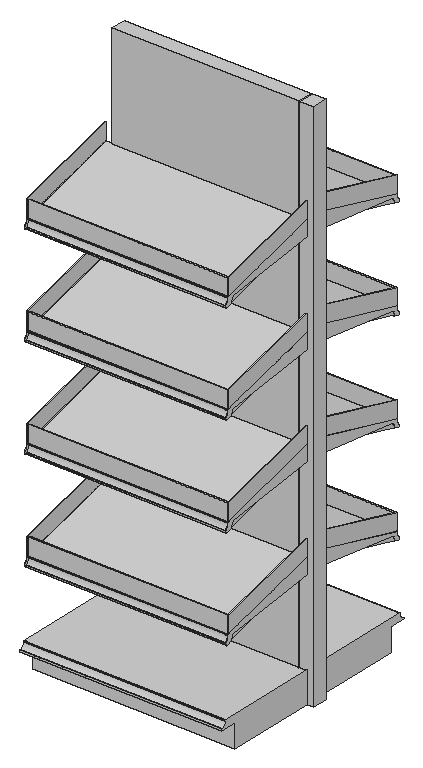
Revit family "ML6", category Specialty Equipment, Revit 2012
Parameters (values of type "Maxi Line Angled Shelves Add-On (Default)")
  URL = "http://www.madixinc.com/display/maxiline/shelvesaccessories/sus.html"
  Model = "Maxi Line"
  Manufacturer = "© 2012 Madix, Inc. All rights reserved."
  "Front" Base Shelf [instance] = yes
  "Front" 2' Shelf [instance] = yes
  "Front" 3' 6" Shelf [instance] = yes
  "Front" 5' Shelf [instance] = yes
  "Front" 6' 6" Shelf [instance] = yes
  "Back" Base Shelf [instance] = yes
  "Back" 2' Shelf [instance] = yes
  "Back" 3' 6" Shelf [instance] = yes
  "Back" 5' Shelf [instance] = yes
  "Back" 6' 6" Shelf [instance] = yes
  Width = 3' - 0"
  Height = 8' - 0"
  "Front" Shelf Depth = 1' - 6"
  "Back" Shelf Depth = 1' - 6"
Reference planes (in)
  plane 1 "Center (Front/Back)": y = 0
  plane 2: z = 0
  plane 3 "Center (Left/Right)": x = 0
  plane 4: y = 1.375
  plane 5: y = -1.375
  plane 6: x = -18
  plane 7: x = 18
  plane 8: x = -19.25
  plane 9: x = 19.25
  plane 10: y = -19.375
  plane 11: y = 19.375
  plane 12: z = 96
  plane 13: x = -17.875
  plane 14: x = 17.875
  plane 15: z = 5.5
  plane 16: z = 23.5
  plane 17: z = 41.5
  plane 18: z = 59.5
  plane 19: z = 77.5
  plane 20: y = -18.72931
  plane 21: y = 18.72931
Forms (in)
  Extrusion 1, solid, material "Metal - Steel"
    sketch origin (0, 0, 0) x (1, 0, 0) y (0, 1, 0)
      loop
        line (-16.71875, 1.375) -> (-16.71875, -1.375) -> (16.71875, -1.375) -> (16.71875, 1.375) -> (-16.71875, 1.375)
      loop
        line (19.25, 1.375) -> (16.75, 1.375) -> (16.75, -1.375) -> (19.25, -1.375) -> (19.25, 1.375)
    from 0 to 96
  Extrusion 2, solid, material "Metal - Steel", visible <- ""Front" 2' Shelf"
    sketch origin (0, 0, 0) x (0, 1, 0) y (0, 0, 1)
      loop
        line (-1.375, 23.5) -> (-18.60431, 18.88342) -> (-18.60431, 21.84993) -> (-18.72931, 21.84993) -> (-18.72931, 18.84993) -> (-18.88241, 18.8089) -> (-18.85005, 18.68816) -> (-18.72931, 18.72052)
        arc (-18.72931, 18.72052) -> (-18.81726, 18.03659) -> (-19.16259, 17.43974) r 1.75
        line (-19.16259, 17.43974) -> (-19.19494, 17.56048) -> (-19.31568, 17.52812) -> (-19.25097, 17.28664) -> (-1.375, 22.0765) -> (-1.375, 23.5)
    from -17.875 to 17.875
  Extrusion 3, solid, material "Metal - Steel", visible <- ""Front" Base Shelf"
    sketch origin (0, 0, 0) x (1, 0, 0) y (0, 1, 0)
      loop
        line (-18, -1.375) -> (-18, -17.375) -> (18, -17.375) -> (18, -1.375) -> (-18, -1.375)
    from 0 to 4.125
  Extrusion 4, solid, material "Metal - Steel", visible <- ""Front" Base Shelf"
    sketch origin (0, 0, 0) x (0, 1, 0) y (0, 0, 1)
      loop
        line (-1.375, 5.5) -> (-19.375, 5.5) -> (-19.5, 5.5) -> (-19.5, 5.375) -> (-19.375, 5.375)
        arc (-19.375, 5.375) -> (-19.63696, 4.73714) -> (-20.125, 4.25) r 1.75
        line (-20.125, 4.25) -> (-20.125, 4.375) -> (-20.25, 4.375) -> (-20.25, 4.125) -> (-1.375, 4.125) -> (-1.375, 5.5)
    from -18 to 18
  Extrusion 5, solid, material "Metal - Steel", visible <- ""Back" Base Shelf"
    sketch origin (0, 0, 0) x (1, 0, 0) y (0, 1, 0)
      loop
        line (-18, 1.375) -> (18, 1.375) -> (18, 17.375) -> (-18, 17.375) -> (-18, 1.375)
    from 0 to 4.125
  Extrusion 6, solid, material "Metal - Steel", visible <- ""Back" Base Shelf"
    sketch origin (0, 0, 0) x (0, -1, 0) y (0, 0, -1)
      loop
        line (-1.375, -5.5) -> (-1.375, -4.125) -> (-20.25, -4.125) -> (-20.25, -4.375) -> (-20.125, -4.375) -> (-20.125, -4.25)
        arc (-20.125, -4.25) -> (-19.63696, -4.73714) -> (-19.375, -5.375) r 1.75
        line (-19.375, -5.375) -> (-19.5, -5.375) -> (-19.5, -5.5) -> (-19.375, -5.5) -> (-1.375, -5.5)
    from -18 to 18
  Extrusion 7, solid, material "Metal - Steel", visible <- ""Front" 2' Shelf"
    sketch origin (0, 0, 0) x (0, 1, 0) y (0, 0, 1)
      loop
        line (-18.88241, 18.8089) -> (-18.85005, 18.68816)
        arc (-18.85005, 18.68816) -> (-18.97576, 18.06515) -> (-19.31568, 17.52812) r 1.75
        line (-19.31568, 17.52812) -> (-19.25097, 17.28664) -> (-18.28505, 17.54546) -> (-18.34975, 17.78694) -> (-17.78707, 18.58476) -> (-17.54559, 18.64947) -> (-17.51324, 18.52872) -> (-1.375, 20.75) -> (-1.375, 23.5) -> (-18.72931, 18.84993) -> (-18.88241, 18.8089)
      loop
        circle (-3.42759, 22.43237) r 0.125
      loop
        circle (-15.61374, 19.1671) r 0.125
      loop
        line (-1.375, 26.5) -> (-18.72931, 21.84993) -> (-18.72931, 18.88118) -> (-1.375, 23.53125) -> (-1.375, 26.5)
    from -18 to -17.875
  Extrusion 8, solid, material "Metal - Steel", visible <- ""Front" 2' Shelf"
    sketch origin (0, 0, 0) x (0, 1, 0) y (0, 0, -1)
      loop
        line (-18.88241, -18.8089) -> (-18.72931, -18.84993) -> (-1.375, -23.5) -> (-1.375, -20.75) -> (-17.51324, -18.52872) -> (-17.54559, -18.64947) -> (-17.78707, -18.58476) -> (-18.34975, -17.78694) -> (-18.28505, -17.54546) -> (-19.25097, -17.28664) -> (-19.31568, -17.52812)
        arc (-19.31568, -17.52812) -> (-18.97576, -18.06515) -> (-18.85005, -18.68816) r 1.75
        line (-18.85005, -18.68816) -> (-18.88241, -18.8089)
      loop
        circle (-3.42759, -22.43237) r 0.125
      loop
        circle (-15.61374, -19.1671) r 0.125
      loop
        line (-1.375, -26.5) -> (-1.375, -23.53125) -> (-18.72931, -18.88118) -> (-18.72931, -21.84993) -> (-1.375, -26.5)
    from -18 to -17.875
  Extrusion 9, solid, material "Metal - Steel", visible <- ""Front" 3' 6" Shelf"
    sketch origin (0, 0, 18) x (0, 1, 0) y (0, 0, 1)
      loop
        line (-1.375, 23.5) -> (-18.60431, 18.88342) -> (-18.60431, 21.84993) -> (-18.72931, 21.84993) -> (-18.72931, 18.84993) -> (-18.88241, 18.8089) -> (-18.85005, 18.68816) -> (-18.72931, 18.72052)
        arc (-18.72931, 18.72052) -> (-18.81726, 18.03659) -> (-19.16259, 17.43974) r 1.75
        line (-19.16259, 17.43974) -> (-19.19494, 17.56048) -> (-19.31568, 17.52812) -> (-19.25097, 17.28664) -> (-1.375, 22.0765) -> (-1.375, 23.5)
    from -17.875 to 17.875
  Extrusion 10, solid, material "Metal - Steel", visible <- ""Front" 5' Shelf"
    sketch origin (0, 0, 36) x (0, 1, 0) y (0, 0, 1)
      loop
        line (-1.375, 23.5) -> (-18.60431, 18.88342) -> (-18.60431, 21.84993) -> (-18.72931, 21.84993) -> (-18.72931, 18.84993) -> (-18.88241, 18.8089) -> (-18.85005, 18.68816) -> (-18.72931, 18.72052)
        arc (-18.72931, 18.72052) -> (-18.81726, 18.03659) -> (-19.16259, 17.43974) r 1.75
        line (-19.16259, 17.43974) -> (-19.19494, 17.56048) -> (-19.31568, 17.52812) -> (-19.25097, 17.28664) -> (-1.375, 22.0765) -> (-1.375, 23.5)
    from -17.875 to 17.875
  Extrusion 11, solid, material "Metal - Steel", visible <- ""Front" 6' 6" Shelf"
    sketch origin (0, 0, 54) x (0, 1, 0) y (0, 0, 1)
      loop
        line (-1.375, 23.5) -> (-18.60431, 18.88342) -> (-18.60431, 21.84993) -> (-18.72931, 21.84993) -> (-18.72931, 18.84993) -> (-18.88241, 18.8089) -> (-18.85005, 18.68816) -> (-18.72931, 18.72052)
        arc (-18.72931, 18.72052) -> (-18.81726, 18.03659) -> (-19.16259, 17.43974) r 1.75
        line (-19.16259, 17.43974) -> (-19.19494, 17.56048) -> (-19.31568, 17.52812) -> (-19.25097, 17.28664) -> (-1.375, 22.0765) -> (-1.375, 23.5)
    from -17.875 to 17.875
  Extrusion 12, solid, material "Metal - Steel", visible <- ""Back" 6' 6" Shelf"
    sketch origin (0, 0, 54) x (0, -1, 0) y (0, 0, -1)
      loop
        line (-1.375, -23.5) -> (-1.375, -22.0765) -> (-19.25097, -17.28664) -> (-19.31568, -17.52812) -> (-19.19494, -17.56048) -> (-19.16259, -17.43974)
        arc (-19.16259, -17.43974) -> (-18.81726, -18.03659) -> (-18.72931, -18.72052) r 1.75
        line (-18.72931, -18.72052) -> (-18.85005, -18.68816) -> (-18.88241, -18.8089) -> (-18.72931, -18.84993) -> (-18.72931, -21.84993) -> (-18.60431, -21.84993) -> (-18.60431, -18.88342) -> (-1.375, -23.5)
    from -17.875 to 17.875
  Extrusion 13, solid, material "Metal - Steel", visible <- ""Back" 5' Shelf"
    sketch origin (0, 0, 36) x (0, -1, 0) y (0, 0, -1)
      loop
        line (-1.375, -23.5) -> (-1.375, -22.0765) -> (-19.25097, -17.28664) -> (-19.31568, -17.52812) -> (-19.19494, -17.56048) -> (-19.16259, -17.43974)
        arc (-19.16259, -17.43974) -> (-18.81726, -18.03659) -> (-18.72931, -18.72052) r 1.75
        line (-18.72931, -18.72052) -> (-18.85005, -18.68816) -> (-18.88241, -18.8089) -> (-18.72931, -18.84993) -> (-18.72931, -21.84993) -> (-18.60431, -21.84993) -> (-18.60431, -18.88342) -> (-1.375, -23.5)
    from -17.875 to 17.875
  Extrusion 14, solid, material "Metal - Steel", visible <- ""Back" 3' 6" Shelf"
    sketch origin (0, 0, 18) x (0, -1, 0) y (0, 0, -1)
      loop
        line (-1.375, -23.5) -> (-1.375, -22.0765) -> (-19.25097, -17.28664) -> (-19.31568, -17.52812) -> (-19.19494, -17.56048) -> (-19.16259, -17.43974)
        arc (-19.16259, -17.43974) -> (-18.81726, -18.03659) -> (-18.72931, -18.72052) r 1.75
        line (-18.72931, -18.72052) -> (-18.85005, -18.68816) -> (-18.88241, -18.8089) -> (-18.72931, -18.84993) -> (-18.72931, -21.84993) -> (-18.60431, -21.84993) -> (-18.60431, -18.88342) -> (-1.375, -23.5)
    from -17.875 to 17.875
  Extrusion 15, solid, material "Metal - Steel", visible <- ""Back" 2' Shelf"
    sketch origin (0, 0, 0) x (0, -1, 0) y (0, 0, -1)
      loop
        line (-1.375, -23.5) -> (-1.375, -22.0765) -> (-19.25097, -17.28664) -> (-19.31568, -17.52812) -> (-19.19494, -17.56048) -> (-19.16259, -17.43974)
        arc (-19.16259, -17.43974) -> (-18.81726, -18.03659) -> (-18.72931, -18.72052) r 1.75
        line (-18.72931, -18.72052) -> (-18.85005, -18.68816) -> (-18.88241, -18.8089) -> (-18.72931, -18.84993) -> (-18.72931, -21.84993) -> (-18.60431, -21.84993) -> (-18.60431, -18.88342) -> (-1.375, -23.5)
    from -17.875 to 17.875
  Extrusion 16, solid, material "Metal - Steel", visible <- ""Front" 3' 6" Shelf"
    sketch origin (0, 0, 18) x (0, 1, 0) y (0, 0, 1)
      loop
        line (-18.88241, 18.8089) -> (-18.85005, 18.68816)
        arc (-18.85005, 18.68816) -> (-18.97576, 18.06515) -> (-19.31568, 17.52812) r 1.75
        line (-19.31568, 17.52812) -> (-19.25097, 17.28664) -> (-18.28505, 17.54546) -> (-18.34975, 17.78694) -> (-17.78707, 18.58476) -> (-17.54559, 18.64947) -> (-17.51324, 18.52872) -> (-1.375, 20.75) -> (-1.375, 23.5) -> (-18.72931, 18.84993) -> (-18.88241, 18.8089)
      loop
        circle (-3.42759, 22.43237) r 0.125
      loop
        circle (-15.61374, 19.1671) r 0.125
      loop
        line (-1.375, 26.5) -> (-18.72931, 21.84993) -> (-18.72931, 18.88118) -> (-1.375, 23.53125) -> (-1.375, 26.5)
    from -18 to -17.875
  Extrusion 17, solid, material "Metal - Steel", visible <- ""Front" 5' Shelf"
    sketch origin (0, 0, 36) x (0, 1, 0) y (0, 0, 1)
      loop
        line (-18.88241, 18.8089) -> (-18.85005, 18.68816)
        arc (-18.85005, 18.68816) -> (-18.97576, 18.06515) -> (-19.31568, 17.52812) r 1.75
        line (-19.31568, 17.52812) -> (-19.25097, 17.28664) -> (-18.28505, 17.54546) -> (-18.34975, 17.78694) -> (-17.78707, 18.58476) -> (-17.54559, 18.64947) -> (-17.51324, 18.52872) -> (-1.375, 20.75) -> (-1.375, 23.5) -> (-18.72931, 18.84993) -> (-18.88241, 18.8089)
      loop
        circle (-3.42759, 22.43237) r 0.125
      loop
        circle (-15.61374, 19.1671) r 0.125
      loop
        line (-1.375, 26.5) -> (-18.72931, 21.84993) -> (-18.72931, 18.88118) -> (-1.375, 23.53125) -> (-1.375, 26.5)
    from -18 to -17.875
  Extrusion 18, solid, material "Metal - Steel", visible <- ""Front" 6' 6" Shelf"
    sketch origin (0, 0, 54) x (0, 1, 0) y (0, 0, 1)
      loop
        line (-18.88241, 18.8089) -> (-18.85005, 18.68816)
        arc (-18.85005, 18.68816) -> (-18.97576, 18.06515) -> (-19.31568, 17.52812) r 1.75
        line (-19.31568, 17.52812) -> (-19.25097, 17.28664) -> (-18.28505, 17.54546) -> (-18.34975, 17.78694) -> (-17.78707, 18.58476) -> (-17.54559, 18.64947) -> (-17.51324, 18.52872) -> (-1.375, 20.75) -> (-1.375, 23.5) -> (-18.72931, 18.84993) -> (-18.88241, 18.8089)
      loop
        circle (-3.42759, 22.43237) r 0.125
      loop
        circle (-15.61374, 19.1671) r 0.125
      loop
        line (-1.375, 26.5) -> (-18.72931, 21.84993) -> (-18.72931, 18.88118) -> (-1.375, 23.53125) -> (-1.375, 26.5)
    from -18 to -17.875
  Extrusion 19, solid, material "Metal - Steel", visible <- ""Front" 3' 6" Shelf"
    sketch origin (0, 0, 18) x (0, 1, 0) y (0, 0, -1)
      loop
        line (-18.88241, -18.8089) -> (-18.72931, -18.84993) -> (-1.375, -23.5) -> (-1.375, -20.75) -> (-17.51324, -18.52872) -> (-17.54559, -18.64947) -> (-17.78707, -18.58476) -> (-18.34975, -17.78694) -> (-18.28505, -17.54546) -> (-19.25097, -17.28664) -> (-19.31568, -17.52812)
        arc (-19.31568, -17.52812) -> (-18.97576, -18.06515) -> (-18.85005, -18.68816) r 1.75
        line (-18.85005, -18.68816) -> (-18.88241, -18.8089)
      loop
        circle (-3.42759, -22.43237) r 0.125
      loop
        circle (-15.61374, -19.1671) r 0.125
      loop
        line (-1.375, -26.5) -> (-1.375, -23.53125) -> (-18.72931, -18.88118) -> (-18.72931, -21.84993) -> (-1.375, -26.5)
    from -18 to -17.875
  Extrusion 20, solid, material "Metal - Steel", visible <- ""Front" 5' Shelf"
    sketch origin (0, 0, 36) x (0, 1, 0) y (0, 0, -1)
      loop
        line (-18.88241, -18.8089) -> (-18.72931, -18.84993) -> (-1.375, -23.5) -> (-1.375, -20.75) -> (-17.51324, -18.52872) -> (-17.54559, -18.64947) -> (-17.78707, -18.58476) -> (-18.34975, -17.78694) -> (-18.28505, -17.54546) -> (-19.25097, -17.28664) -> (-19.31568, -17.52812)
        arc (-19.31568, -17.52812) -> (-18.97576, -18.06515) -> (-18.85005, -18.68816) r 1.75
        line (-18.85005, -18.68816) -> (-18.88241, -18.8089)
      loop
        circle (-3.42759, -22.43237) r 0.125
      loop
        circle (-15.61374, -19.1671) r 0.125
      loop
        line (-1.375, -26.5) -> (-1.375, -23.53125) -> (-18.72931, -18.88118) -> (-18.72931, -21.84993) -> (-1.375, -26.5)
    from -18 to -17.875
  Extrusion 21, solid, material "Metal - Steel", visible <- ""Front" 6' 6" Shelf"
    sketch origin (0, 0, 54) x (0, 1, 0) y (0, 0, -1)
      loop
        line (-18.88241, -18.8089) -> (-18.72931, -18.84993) -> (-1.375, -23.5) -> (-1.375, -20.75) -> (-17.51324, -18.52872) -> (-17.54559, -18.64947) -> (-17.78707, -18.58476) -> (-18.34975, -17.78694) -> (-18.28505, -17.54546) -> (-19.25097, -17.28664) -> (-19.31568, -17.52812)
        arc (-19.31568, -17.52812) -> (-18.97576, -18.06515) -> (-18.85005, -18.68816) r 1.75
        line (-18.85005, -18.68816) -> (-18.88241, -18.8089)
      loop
        circle (-3.42759, -22.43237) r 0.125
      loop
        circle (-15.61374, -19.1671) r 0.125
      loop
        line (-1.375, -26.5) -> (-1.375, -23.53125) -> (-18.72931, -18.88118) -> (-18.72931, -21.84993) -> (-1.375, -26.5)
    from -18 to -17.875
  Extrusion 22, solid, material "Metal - Steel", visible <- ""Back" 2' Shelf"
    sketch origin (0, 0, 0) x (0, -1, 0) y (0, 0, -1)
      loop
        line (-18.88241, -18.8089) -> (-18.72931, -18.84993) -> (-1.375, -23.5) -> (-1.375, -20.75) -> (-17.51324, -18.52872) -> (-17.54559, -18.64947) -> (-17.78707, -18.58476) -> (-18.34975, -17.78694) -> (-18.28505, -17.54546) -> (-19.25097, -17.28664) -> (-19.31568, -17.52812)
        arc (-19.31568, -17.52812) -> (-18.97576, -18.06515) -> (-18.85005, -18.68816) r 1.75
        line (-18.85005, -18.68816) -> (-18.88241, -18.8089)
      loop
        circle (-3.42759, -22.43237) r 0.125
      loop
        circle (-15.61374, -19.1671) r 0.125
      loop
        line (-1.375, -26.5) -> (-1.375, -23.53125) -> (-18.72931, -18.88118) -> (-18.72931, -21.84993) -> (-1.375, -26.5)
    from -18 to -17.875
  Extrusion 23, solid, material "Metal - Steel", visible <- ""Back" 2' Shelf"
    sketch origin (0, 0, 0) x (0, -1, 0) y (0, 0, 1)
      loop
        line (-18.88241, 18.8089) -> (-18.85005, 18.68816)
        arc (-18.85005, 18.68816) -> (-18.97576, 18.06515) -> (-19.31568, 17.52812) r 1.75
        line (-19.31568, 17.52812) -> (-19.25097, 17.28664) -> (-18.28505, 17.54546) -> (-18.34975, 17.78694) -> (-17.78707, 18.58476) -> (-17.54559, 18.64947) -> (-17.51324, 18.52872) -> (-1.375, 20.75) -> (-1.375, 23.5) -> (-18.72931, 18.84993) -> (-18.88241, 18.8089)
      loop
        circle (-3.42759, 22.43237) r 0.125
      loop
        circle (-15.61374, 19.1671) r 0.125
      loop
        line (-1.375, 26.5) -> (-18.72931, 21.84993) -> (-18.72931, 18.88118) -> (-1.375, 23.53125) -> (-1.375, 26.5)
    from -18 to -17.875
  Extrusion 24, solid, material "Metal - Steel", visible <- ""Back" 3' 6" Shelf"
    sketch origin (0, 0, 18) x (0, -1, 0) y (0, 0, -1)
      loop
        line (-18.88241, -18.8089) -> (-18.72931, -18.84993) -> (-1.375, -23.5) -> (-1.375, -20.75) -> (-17.51324, -18.52872) -> (-17.54559, -18.64947) -> (-17.78707, -18.58476) -> (-18.34975, -17.78694) -> (-18.28505, -17.54546) -> (-19.25097, -17.28664) -> (-19.31568, -17.52812)
        arc (-19.31568, -17.52812) -> (-18.97576, -18.06515) -> (-18.85005, -18.68816) r 1.75
        line (-18.85005, -18.68816) -> (-18.88241, -18.8089)
      loop
        circle (-3.42759, -22.43237) r 0.125
      loop
        circle (-15.61374, -19.1671) r 0.125
      loop
        line (-1.375, -26.5) -> (-1.375, -23.53125) -> (-18.72931, -18.88118) -> (-18.72931, -21.84993) -> (-1.375, -26.5)
    from -18 to -17.875
  Extrusion 25, solid, material "Metal - Steel", visible <- ""Back" 3' 6" Shelf"
    sketch origin (0, 0, 18) x (0, -1, 0) y (0, 0, 1)
      loop
        line (-18.88241, 18.8089) -> (-18.85005, 18.68816)
        arc (-18.85005, 18.68816) -> (-18.97576, 18.06515) -> (-19.31568, 17.52812) r 1.75
        line (-19.31568, 17.52812) -> (-19.25097, 17.28664) -> (-18.28505, 17.54546) -> (-18.34975, 17.78694) -> (-17.78707, 18.58476) -> (-17.54559, 18.64947) -> (-17.51324, 18.52872) -> (-1.375, 20.75) -> (-1.375, 23.5) -> (-18.72931, 18.84993) -> (-18.88241, 18.8089)
      loop
        circle (-3.42759, 22.43237) r 0.125
      loop
        circle (-15.61374, 19.1671) r 0.125
      loop
        line (-1.375, 26.5) -> (-18.72931, 21.84993) -> (-18.72931, 18.88118) -> (-1.375, 23.53125) -> (-1.375, 26.5)
    from -18 to -17.875
  Extrusion 26, solid, material "Metal - Steel", visible <- ""Back" 5' Shelf"
    sketch origin (0, 0, 36) x (0, -1, 0) y (0, 0, -1)
      loop
        line (-18.88241, -18.8089) -> (-18.72931, -18.84993) -> (-1.375, -23.5) -> (-1.375, -20.75) -> (-17.51324, -18.52872) -> (-17.54559, -18.64947) -> (-17.78707, -18.58476) -> (-18.34975, -17.78694) -> (-18.28505, -17.54546) -> (-19.25097, -17.28664) -> (-19.31568, -17.52812)
        arc (-19.31568, -17.52812) -> (-18.97576, -18.06515) -> (-18.85005, -18.68816) r 1.75
        line (-18.85005, -18.68816) -> (-18.88241, -18.8089)
      loop
        circle (-3.42759, -22.43237) r 0.125
      loop
        circle (-15.61374, -19.1671) r 0.125
      loop
        line (-1.375, -26.5) -> (-1.375, -23.53125) -> (-18.72931, -18.88118) -> (-18.72931, -21.84993) -> (-1.375, -26.5)
    from -18 to -17.875
  Extrusion 27, solid, material "Metal - Steel", visible <- ""Back" 5' Shelf"
    sketch origin (0, 0, 36) x (0, -1, 0) y (0, 0, 1)
      loop
        line (-18.88241, 18.8089) -> (-18.85005, 18.68816)
        arc (-18.85005, 18.68816) -> (-18.97576, 18.06515) -> (-19.31568, 17.52812) r 1.75
        line (-19.31568, 17.52812) -> (-19.25097, 17.28664) -> (-18.28505, 17.54546) -> (-18.34975, 17.78694) -> (-17.78707, 18.58476) -> (-17.54559, 18.64947) -> (-17.51324, 18.52872) -> (-1.375, 20.75) -> (-1.375, 23.5) -> (-18.72931, 18.84993) -> (-18.88241, 18.8089)
      loop
        circle (-3.42759, 22.43237) r 0.125
      loop
        circle (-15.61374, 19.1671) r 0.125
      loop
        line (-1.375, 26.5) -> (-18.72931, 21.84993) -> (-18.72931, 18.88118) -> (-1.375, 23.53125) -> (-1.375, 26.5)
    from -18 to -17.875
  Extrusion 28, solid, material "Metal - Steel", visible <- ""Back" 6' 6" Shelf"
    sketch origin (0, 0, 54) x (0, -1, 0) y (0, 0, -1)
      loop
        line (-18.88241, -18.8089) -> (-18.72931, -18.84993) -> (-1.375, -23.5) -> (-1.375, -20.75) -> (-17.51324, -18.52872) -> (-17.54559, -18.64947) -> (-17.78707, -18.58476) -> (-18.34975, -17.78694) -> (-18.28505, -17.54546) -> (-19.25097, -17.28664) -> (-19.31568, -17.52812)
        arc (-19.31568, -17.52812) -> (-18.97576, -18.06515) -> (-18.85005, -18.68816) r 1.75
        line (-18.85005, -18.68816) -> (-18.88241, -18.8089)
      loop
        circle (-3.42759, -22.43237) r 0.125
      loop
        circle (-15.61374, -19.1671) r 0.125
      loop
        line (-1.375, -26.5) -> (-1.375, -23.53125) -> (-18.72931, -18.88118) -> (-18.72931, -21.84993) -> (-1.375, -26.5)
    from -18 to -17.875
  Extrusion 29, solid, material "Metal - Steel", visible <- ""Back" 6' 6" Shelf"
    sketch origin (0, 0, 54) x (0, -1, 0) y (0, 0, 1)
      loop
        line (-18.88241, 18.8089) -> (-18.85005, 18.68816)
        arc (-18.85005, 18.68816) -> (-18.97576, 18.06515) -> (-19.31568, 17.52812) r 1.75
        line (-19.31568, 17.52812) -> (-19.25097, 17.28664) -> (-18.28505, 17.54546) -> (-18.34975, 17.78694) -> (-17.78707, 18.58476) -> (-17.54559, 18.64947) -> (-17.51324, 18.52872) -> (-1.375, 20.75) -> (-1.375, 23.5) -> (-18.72931, 18.84993) -> (-18.88241, 18.8089)
      loop
        circle (-3.42759, 22.43237) r 0.125
      loop
        circle (-15.61374, 19.1671) r 0.125
      loop
        line (-1.375, 26.5) -> (-18.72931, 21.84993) -> (-18.72931, 18.88118) -> (-1.375, 23.53125) -> (-1.375, 26.5)
    from -18 to -17.875
Cuts and joins
  joined: Extrusion 3, Extrusion 4
  joined: Extrusion 5, Extrusion 6
Dimensions and locks (in)
  locked: plane 8 to plane 6 at 1.25
  locked: plane 7 to plane 9 at 1.25
  ""Front" Shelf Depth": plane 5 to plane 10
  ""Back" Shelf Depth": plane 11 to plane 4
  "Height": plane 12 to level
  equal spacing: plane 6, plane 3 "Center (Left/Right)", plane 7
  "Width": plane 6 to plane 7
  locked: plane 6 to plane 13 at 0.125
  locked: plane 14 to plane 7 at 0.125
  locked: plane 20 to plane 10 at 0.64569
  locked: plane 11 to plane 21 at 0.64569
  aligned and locked: level to plane 2
  aligned and locked: plane 12 to Extrusion 1
  aligned and locked: Extrusion 4 to plane 6
  aligned and locked: Extrusion 2 to plane 13
  aligned and locked: Extrusion 4 to plane 7
  aligned and locked: Extrusion 2 to plane 14
  aligned and locked: Extrusion 6 to plane 7
  aligned and locked: Extrusion 6 to plane 6
  aligned and locked: Extrusion 6 to Extrusion 5
  aligned and locked: Extrusion 7 to plane 6
  aligned and locked: plane 13 to Extrusion 7
  aligned and locked: Extrusion 18 to plane 6
  aligned and locked: plane 13 to Extrusion 18
  aligned and locked: Extrusion 17 to plane 6
  aligned and locked: plane 13 to Extrusion 17
  aligned and locked: Extrusion 16 to plane 6
  aligned and locked: plane 13 to Extrusion 16
  aligned and locked: Extrusion 11 to plane 13
  aligned and locked: Extrusion 10 to plane 13
  aligned and locked: Extrusion 9 to plane 13
  aligned and locked: plane 14 to Extrusion 21
  aligned and locked: Extrusion 11 to plane 14
  aligned and locked: Extrusion 20 to plane 7
  aligned and locked: plane 14 to Extrusion 20
  aligned and locked: Extrusion 19 to plane 7
  aligned and locked: plane 14 to Extrusion 19
  aligned and locked: Extrusion 10 to plane 14
  aligned and locked: Extrusion 8 to plane 7
  aligned and locked: plane 14 to Extrusion 8
  aligned and locked: Extrusion 28 to plane 6
  aligned and locked: plane 13 to Extrusion 28
  aligned and locked: Extrusion 12 to plane 13
  aligned and locked: Extrusion 26 to plane 6
  aligned and locked: plane 13 to Extrusion 26
  aligned and locked: Extrusion 13 to plane 13
  aligned and locked: Extrusion 24 to plane 6
  aligned and locked: plane 13 to Extrusion 24
  aligned and locked: Extrusion 14 to plane 13
  aligned and locked: Extrusion 22 to plane 6
  aligned and locked: plane 13 to Extrusion 22
  aligned and locked: Extrusion 15 to plane 13
  aligned and locked: Extrusion 15 to plane 14
  aligned and locked: Extrusion 29 to plane 7
  aligned and locked: plane 14 to Extrusion 29
  aligned and locked: Extrusion 12 to plane 14
  aligned and locked: Extrusion 27 to plane 7
  aligned and locked: plane 14 to Extrusion 27
  aligned and locked: Extrusion 13 to plane 14
  aligned and locked: Extrusion 25 to plane 7
  aligned and locked: plane 14 to Extrusion 25
  aligned and locked: Extrusion 14 to plane 14
  aligned and locked: Extrusion 23 to plane 7
  aligned and locked: plane 14 to Extrusion 23
  aligned and locked: Extrusion 21 to plane 7
  aligned and locked: Extrusion 9 to plane 14
Automatic sketch dimensions
  Extrusion 1 sketch curve to plane 4 = 0' - 0"  (x2)
  plane 5 to Extrusion 1 sketch curve = 0' - 0"  (x2)
  Extrusion 1 sketch curve to plane 9 = 0' - 0"
  plane 14 to Extrusion 1 sketch curve = 0' - 1 5/32"
  Extrusion 1 sketch curve to Extrusion 1 sketch curve = 0' - 0 1/32"
  Extrusion 2 sketch curve to plane 20 = 0' - 0"  (x2)
  Extrusion 2 sketch curve to plane 5 = 0' - 0"
  plane 16 to Extrusion 2 sketch curve = 0' - 0"
  plane 20 to Extrusion 2 sketch curve = 0' - 0.12074"
  Extrusion 2 sketch curve to Extrusion 2 sketch curve = 0' - 0.03235"  (x2)
  plane 10 to Extrusion 2 sketch curve = 0' - 0.21241"
  plane 10 to Extrusion 2 sketch curve = 0' - 0.12403"
  plane 10 to Extrusion 2 sketch curve = 0' - 0.05932"
  Extrusion 2 sketch curve to plane 10 = 0' - 1.09997"
  Extrusion 2 sketch curve to plane 20 = 0' - 0 1/8"
  Extrusion 2 sketch curve to Extrusion 2 sketch curve = 0' - 1.4235"
  plane 16 to Extrusion 2 sketch curve = 0' - 1.65007"
  Extrusion 2 sketch curve to Extrusion 2 sketch curve = 0' - 2.96651"
  Extrusion 2 sketch curve to Extrusion 2 sketch curve = 0' - 0.03349"
  Extrusion 2 sketch curve to Extrusion 2 sketch curve = 0' - 0.04102"
  Extrusion 2 sketch curve to Extrusion 2 sketch curve = 0' - 0.21153"
  plane 5 to Extrusion 3 sketch curve = 0' - 0"
  Extrusion 3 sketch curve to plane 6 = 0' - 0"
  Extrusion 3 sketch curve to plane 7 = 0' - 0"
  Extrusion 3 sketch curve to plane 20 = 0' - 1.35431"
  plane 15 to Extrusion 4 sketch curve = 0' - 0"
  Extrusion 4 sketch curve to plane 10 = 0' - 0"  (x2)
  Extrusion 4 sketch curve to plane 5 = 0' - 0"
  Extrusion 4 sketch curve to Extrusion 4 sketch curve = 0' - 0 1/8"  (x4)
  Extrusion 4 sketch curve to plane 10 = 0' - 0 3/4"
  Extrusion 4 sketch curve to plane 15 = 0' - 0.20787"
  Extrusion 4 sketch curve to Extrusion 4 sketch curve = 0' - 0.84305"
  Extrusion 4 sketch curve to Extrusion 4 sketch curve = 0' - 1 3/8"
  Extrusion 5 sketch curve to plane 4 = 0' - 0"
  Extrusion 5 sketch curve to plane 6 = 0' - 0"
  Extrusion 5 sketch curve to plane 7 = 0' - 0"
  plane 21 to Extrusion 5 sketch curve = 0' - 1.35431"
  plane 15 to Extrusion 6 sketch curve = 0' - 0"
  Extrusion 6 sketch curve to plane 11 = 0' - 0"  (x2)
  Extrusion 6 sketch curve to plane 4 = 0' - 0"
  plane 11 to Extrusion 6 sketch curve = 0' - 0 1/8"
  plane 11 to Extrusion 6 sketch curve = 0' - 0 3/4"
  Extrusion 6 sketch curve to Extrusion 6 sketch curve = 0' - 0 1/8"  (x2)
  plane 15 to Extrusion 6 sketch curve = 0' - 0.20787"
  Extrusion 6 sketch curve to Extrusion 6 sketch curve = 0' - 0.84305"
  Extrusion 6 sketch curve to plane 15 = 0' - 0 1/8"
  Extrusion 6 sketch curve to plane 15 = 0' - 1 3/8"
  Extrusion 7 sketch curve to plane 20 = 0' - 0"  (x2)
  Extrusion 7 sketch curve to plane 5 = 0' - 0"  (x2)
  plane 16 to Extrusion 7 sketch curve = 0' - 0"
  plane 20 to Extrusion 7 sketch curve = 0' - 0.12074"
  Extrusion 7 sketch curve to Extrusion 7 sketch curve = 0' - 0.03235"  (x2)
  plane 10 to Extrusion 7 sketch curve = 0' - 0.12403"
  plane 10 to Extrusion 7 sketch curve = 0' - 0.05932"
  Extrusion 7 sketch curve to plane 10 = 0' - 1.22482"
  Extrusion 7 sketch curve to plane 20 = 0' - 0.37956"
  Extrusion 7 sketch curve to Extrusion 7 sketch curve = 0' - 0.0647"  (x2)
  Extrusion 7 sketch curve to plane 20 = 0' - 0.94224"
  Extrusion 7 sketch curve to Extrusion 7 sketch curve = 0' - 0.24148"
  Extrusion 7 sketch curve to Extrusion 7 sketch curve = 0' - 1.93185"
  plane 5 to Extrusion 7 sketch curve = 0' - 2.05259"
  plane 16 to Extrusion 7 sketch curve = 0' - 1.06763"
  plane 16 to Extrusion 7 sketch curve = 0' - 1.65007"
  Extrusion 7 sketch curve to Extrusion 7 sketch curve = 0' - 1.68237"
  Extrusion 7 sketch curve to Extrusion 7 sketch curve = 0' - 2.68282"
  Extrusion 7 sketch curve to Extrusion 7 sketch curve = 0' - 2 31/32"  (x2)
  Extrusion 7 sketch curve to Extrusion 7 sketch curve = 0' - 0 1/32"
  Extrusion 7 sketch curve to Extrusion 7 sketch curve = 0' - 0.04102"
  Extrusion 7 sketch curve to Extrusion 7 sketch curve = 0' - 0.09188"
  Extrusion 7 sketch curve to Extrusion 7 sketch curve = 0' - 0.20046"
  Extrusion 7 sketch curve to Extrusion 7 sketch curve = 0' - 0.79782"
  Extrusion 7 sketch curve to plane 16 = 0' - 0 1/32"
  Extrusion 8 sketch curve to plane 20 = 0' - 0"  (x2)
  Extrusion 8 sketch curve to plane 5 = 0' - 0"  (x2)
  plane 16 to Extrusion 8 sketch curve = 0' - 0"
  plane 20 to Extrusion 8 sketch curve = 0' - 0.12074"
  Extrusion 8 sketch curve to Extrusion 8 sketch curve = 0' - 0.03235"  (x2)
  plane 10 to Extrusion 8 sketch curve = 0' - 0.12403"
  plane 10 to Extrusion 8 sketch curve = 0' - 0.05932"
  Extrusion 8 sketch curve to plane 10 = 0' - 1.22482"
  Extrusion 8 sketch curve to plane 20 = 0' - 0.37956"
  Extrusion 8 sketch curve to Extrusion 8 sketch curve = 0' - 0.0647"  (x2)
  Extrusion 8 sketch curve to plane 20 = 0' - 0.94224"
  Extrusion 8 sketch curve to Extrusion 8 sketch curve = 0' - 0.24148"
  Extrusion 8 sketch curve to Extrusion 8 sketch curve = 0' - 1.93185"
  plane 5 to Extrusion 8 sketch curve = 0' - 2.05259"
  Extrusion 8 sketch curve to Extrusion 8 sketch curve = 0' - 0 1/32"  (x2)
  Extrusion 8 sketch curve to Extrusion 8 sketch curve = 0' - 2 31/32"  (x2)
  plane 16 to Extrusion 8 sketch curve = 0' - 1.06763"
  plane 16 to Extrusion 8 sketch curve = 0' - 1.65007"
  Extrusion 8 sketch curve to Extrusion 8 sketch curve = 0' - 1.68237"
  Extrusion 8 sketch curve to Extrusion 8 sketch curve = 0' - 2.68282"
  Extrusion 8 sketch curve to Extrusion 8 sketch curve = 0' - 0.04102"
  Extrusion 8 sketch curve to Extrusion 8 sketch curve = 0' - 0.09188"
  Extrusion 8 sketch curve to Extrusion 8 sketch curve = 0' - 0.20046"
  Extrusion 8 sketch curve to Extrusion 8 sketch curve = 0' - 0.79782"
  Extrusion 9 sketch curve to plane 20 = 0' - 0"  (x2)
  Extrusion 9 sketch curve to plane 5 = 0' - 0"
  Extrusion 9 sketch curve to plane 17 = 0' - 0"
  plane 20 to Extrusion 9 sketch curve = 0' - 0.12074"
  Extrusion 9 sketch curve to Extrusion 9 sketch curve = 0' - 0.03235"  (x2)
  plane 10 to Extrusion 9 sketch curve = 0' - 0.21241"
  plane 10 to Extrusion 9 sketch curve = 0' - 0.12403"
  plane 10 to Extrusion 9 sketch curve = 0' - 0.05932"
  Extrusion 9 sketch curve to plane 10 = 0' - 1.09997"
  Extrusion 9 sketch curve to plane 20 = 0' - 0 1/8"
  Extrusion 9 sketch curve to Extrusion 9 sketch curve = 0' - 1.4235"
  Extrusion 9 sketch curve to plane 17 = 0' - 1.65007"
  Extrusion 9 sketch curve to Extrusion 9 sketch curve = 0' - 2.96651"
  Extrusion 9 sketch curve to Extrusion 9 sketch curve = 0' - 0.03349"
  Extrusion 9 sketch curve to Extrusion 9 sketch curve = 0' - 0.04102"
  Extrusion 9 sketch curve to Extrusion 9 sketch curve = 0' - 0.21153"
  Extrusion 10 sketch curve to plane 20 = 0' - 0"  (x2)
  Extrusion 10 sketch curve to plane 5 = 0' - 0"
  Extrusion 10 sketch curve to plane 18 = 0' - 0"
  plane 20 to Extrusion 10 sketch curve = 0' - 0.12074"
  Extrusion 10 sketch curve to Extrusion 10 sketch curve = 0' - 0.03235"  (x2)
  plane 10 to Extrusion 10 sketch curve = 0' - 0.21241"
  plane 10 to Extrusion 10 sketch curve = 0' - 0.12403"
  plane 10 to Extrusion 10 sketch curve = 0' - 0.05932"
  Extrusion 10 sketch curve to plane 10 = 0' - 1.09997"
  Extrusion 10 sketch curve to plane 20 = 0' - 0 1/8"
  Extrusion 10 sketch curve to Extrusion 10 sketch curve = 0' - 1.4235"
  Extrusion 10 sketch curve to plane 18 = 0' - 1.65007"
  Extrusion 10 sketch curve to Extrusion 10 sketch curve = 0' - 2.96651"
  Extrusion 10 sketch curve to Extrusion 10 sketch curve = 0' - 0.03349"
  Extrusion 10 sketch curve to Extrusion 10 sketch curve = 0' - 0.04102"
  Extrusion 10 sketch curve to Extrusion 10 sketch curve = 0' - 0.21153"
  Extrusion 11 sketch curve to plane 20 = 0' - 0"  (x2)
  Extrusion 11 sketch curve to plane 5 = 0' - 0"
  plane 19 to Extrusion 11 sketch curve = 0' - 0"
  plane 20 to Extrusion 11 sketch curve = 0' - 0.12074"
  Extrusion 11 sketch curve to Extrusion 11 sketch curve = 0' - 0.03235"  (x2)
  plane 10 to Extrusion 11 sketch curve = 0' - 0.21241"
  plane 10 to Extrusion 11 sketch curve = 0' - 0.12403"
  plane 10 to Extrusion 11 sketch curve = 0' - 0.05932"
  Extrusion 11 sketch curve to plane 10 = 0' - 1.09997"
  Extrusion 11 sketch curve to plane 20 = 0' - 0 1/8"
  Extrusion 11 sketch curve to Extrusion 11 sketch curve = 0' - 1.4235"
  plane 19 to Extrusion 11 sketch curve = 0' - 1.65007"
  Extrusion 11 sketch curve to Extrusion 11 sketch curve = 0' - 2.96651"
  Extrusion 11 sketch curve to Extrusion 11 sketch curve = 0' - 0.03349"
  Extrusion 11 sketch curve to Extrusion 11 sketch curve = 0' - 0.04102"
  Extrusion 11 sketch curve to Extrusion 11 sketch curve = 0' - 0.21153"
  Extrusion 12 sketch curve to plane 21 = 0' - 0"  (x2)
  Extrusion 12 sketch curve to plane 4 = 0' - 0"
  plane 19 to Extrusion 12 sketch curve = 0' - 0"
  Extrusion 12 sketch curve to plane 21 = 0' - 0.12074"
  Extrusion 12 sketch curve to Extrusion 12 sketch curve = 0' - 0.03235"  (x2)
  Extrusion 12 sketch curve to plane 11 = 0' - 0.21241"
  Extrusion 12 sketch curve to plane 11 = 0' - 0.12403"
  Extrusion 12 sketch curve to plane 11 = 0' - 0.05932"
  plane 11 to Extrusion 12 sketch curve = 0' - 1.09997"
  plane 21 to Extrusion 12 sketch curve = 0' - 0 1/8"
  Extrusion 12 sketch curve to Extrusion 12 sketch curve = 0' - 1.4235"
  Extrusion 12 sketch curve to plane 19 = 0' - 1.65007"
  Extrusion 12 sketch curve to Extrusion 12 sketch curve = 0' - 2.96651"
  Extrusion 12 sketch curve to Extrusion 12 sketch curve = 0' - 0.03349"
  Extrusion 12 sketch curve to Extrusion 12 sketch curve = 0' - 0.04102"
  Extrusion 12 sketch curve to Extrusion 12 sketch curve = 0' - 0.21153"
  Extrusion 13 sketch curve to plane 21 = 0' - 0"  (x2)
  Extrusion 13 sketch curve to plane 4 = 0' - 0"
  Extrusion 13 sketch curve to plane 18 = 0' - 0"
  Extrusion 13 sketch curve to plane 21 = 0' - 0.12074"
  Extrusion 13 sketch curve to Extrusion 13 sketch curve = 0' - 0.03235"  (x2)
  Extrusion 13 sketch curve to plane 11 = 0' - 0.21241"
  Extrusion 13 sketch curve to plane 11 = 0' - 0.12403"
  Extrusion 13 sketch curve to plane 11 = 0' - 0.05932"
  plane 11 to Extrusion 13 sketch curve = 0' - 1.09997"
  plane 21 to Extrusion 13 sketch curve = 0' - 0 1/8"
  Extrusion 13 sketch curve to Extrusion 13 sketch curve = 0' - 1.4235"
  plane 18 to Extrusion 13 sketch curve = 0' - 1.65007"
  Extrusion 13 sketch curve to Extrusion 13 sketch curve = 0' - 2.96651"
  Extrusion 13 sketch curve to Extrusion 13 sketch curve = 0' - 0.03349"
  Extrusion 13 sketch curve to Extrusion 13 sketch curve = 0' - 0.04102"
  Extrusion 13 sketch curve to Extrusion 13 sketch curve = 0' - 0.21153"
  Extrusion 14 sketch curve to plane 21 = 0' - 0"  (x2)
  Extrusion 14 sketch curve to plane 4 = 0' - 0"
  Extrusion 14 sketch curve to plane 17 = 0' - 0"
  Extrusion 14 sketch curve to plane 21 = 0' - 0.12074"
  Extrusion 14 sketch curve to Extrusion 14 sketch curve = 0' - 0.03235"  (x2)
  Extrusion 14 sketch curve to plane 11 = 0' - 0.21241"
  Extrusion 14 sketch curve to plane 11 = 0' - 0.12403"
  Extrusion 14 sketch curve to plane 11 = 0' - 0.05932"
  plane 11 to Extrusion 14 sketch curve = 0' - 1.09997"
  plane 21 to Extrusion 14 sketch curve = 0' - 0 1/8"
  Extrusion 14 sketch curve to Extrusion 14 sketch curve = 0' - 1.4235"
  plane 17 to Extrusion 14 sketch curve = 0' - 1.65007"
  Extrusion 14 sketch curve to Extrusion 14 sketch curve = 0' - 2.96651"
  Extrusion 14 sketch curve to Extrusion 14 sketch curve = 0' - 0.03349"
  Extrusion 14 sketch curve to Extrusion 14 sketch curve = 0' - 0.04102"
  Extrusion 14 sketch curve to Extrusion 14 sketch curve = 0' - 0.21153"
  Extrusion 15 sketch curve to plane 21 = 0' - 0"  (x2)
  Extrusion 15 sketch curve to plane 4 = 0' - 0"
  plane 16 to Extrusion 15 sketch curve = 0' - 0"
  Extrusion 15 sketch curve to plane 21 = 0' - 0.12074"
  Extrusion 15 sketch curve to Extrusion 15 sketch curve = 0' - 0.03235"  (x2)
  Extrusion 15 sketch curve to plane 11 = 0' - 0.21241"
  Extrusion 15 sketch curve to plane 11 = 0' - 0.12403"
  Extrusion 15 sketch curve to plane 11 = 0' - 0.05932"
  plane 11 to Extrusion 15 sketch curve = 0' - 1.09997"
  plane 21 to Extrusion 15 sketch curve = 0' - 0 1/8"
  Extrusion 15 sketch curve to Extrusion 15 sketch curve = 0' - 1.4235"
  Extrusion 15 sketch curve to plane 16 = 0' - 1.65007"
  Extrusion 15 sketch curve to Extrusion 15 sketch curve = 0' - 2.96651"
  Extrusion 15 sketch curve to Extrusion 15 sketch curve = 0' - 0.03349"
  Extrusion 15 sketch curve to Extrusion 15 sketch curve = 0' - 0.04102"
  Extrusion 15 sketch curve to Extrusion 15 sketch curve = 0' - 0.21153"
  Extrusion 16 sketch curve to plane 20 = 0' - 0"  (x2)
  Extrusion 16 sketch curve to plane 5 = 0' - 0"  (x2)
  Extrusion 16 sketch curve to plane 17 = 0' - 0"
  plane 20 to Extrusion 16 sketch curve = 0' - 0.12074"
  Extrusion 16 sketch curve to Extrusion 16 sketch curve = 0' - 0.03235"  (x2)
  plane 10 to Extrusion 16 sketch curve = 0' - 0.12403"
  plane 10 to Extrusion 16 sketch curve = 0' - 0.05932"
  Extrusion 16 sketch curve to plane 10 = 0' - 1.22482"
  Extrusion 16 sketch curve to plane 20 = 0' - 0.37956"
  Extrusion 16 sketch curve to Extrusion 16 sketch curve = 0' - 0.0647"  (x2)
  Extrusion 16 sketch curve to plane 20 = 0' - 0.94224"
  Extrusion 16 sketch curve to Extrusion 16 sketch curve = 0' - 0.24148"
  Extrusion 16 sketch curve to Extrusion 16 sketch curve = 0' - 1.93185"
  plane 5 to Extrusion 16 sketch curve = 0' - 2.05259"
  Extrusion 16 sketch curve to plane 17 = 0' - 1.06763"
  Extrusion 16 sketch curve to plane 17 = 0' - 1.65007"
  Extrusion 16 sketch curve to Extrusion 16 sketch curve = 0' - 1.68237"
  Extrusion 16 sketch curve to Extrusion 16 sketch curve = 0' - 2.68282"
  Extrusion 16 sketch curve to Extrusion 16 sketch curve = 0' - 2 31/32"  (x2)
  Extrusion 16 sketch curve to Extrusion 16 sketch curve = 0' - 0 1/32"
  Extrusion 16 sketch curve to Extrusion 16 sketch curve = 0' - 0.04102"
  Extrusion 16 sketch curve to Extrusion 16 sketch curve = 0' - 0.09188"
  Extrusion 16 sketch curve to Extrusion 16 sketch curve = 0' - 0.20046"
  Extrusion 16 sketch curve to Extrusion 16 sketch curve = 0' - 0.79782"
  plane 17 to Extrusion 16 sketch curve = 0' - 0 1/32"
  Extrusion 17 sketch curve to plane 20 = 0' - 0"  (x2)
  Extrusion 17 sketch curve to plane 5 = 0' - 0"  (x2)
  Extrusion 17 sketch curve to plane 18 = 0' - 0"
  plane 20 to Extrusion 17 sketch curve = 0' - 0.12074"
  Extrusion 17 sketch curve to Extrusion 17 sketch curve = 0' - 0.03235"  (x2)
  plane 10 to Extrusion 17 sketch curve = 0' - 0.12403"
  plane 10 to Extrusion 17 sketch curve = 0' - 0.05932"
  Extrusion 17 sketch curve to plane 10 = 0' - 1.22482"
  Extrusion 17 sketch curve to plane 20 = 0' - 0.37956"
  Extrusion 17 sketch curve to Extrusion 17 sketch curve = 0' - 0.0647"  (x2)
  Extrusion 17 sketch curve to plane 20 = 0' - 0.94224"
  Extrusion 17 sketch curve to Extrusion 17 sketch curve = 0' - 0.24148"
  Extrusion 17 sketch curve to Extrusion 17 sketch curve = 0' - 1.93185"
  plane 5 to Extrusion 17 sketch curve = 0' - 2.05259"
  Extrusion 17 sketch curve to plane 18 = 0' - 1.06763"
  Extrusion 17 sketch curve to plane 18 = 0' - 1.65007"
  Extrusion 17 sketch curve to Extrusion 17 sketch curve = 0' - 1.68237"
  Extrusion 17 sketch curve to Extrusion 17 sketch curve = 0' - 2.68282"
  Extrusion 17 sketch curve to Extrusion 17 sketch curve = 0' - 2 31/32"  (x2)
  Extrusion 17 sketch curve to Extrusion 17 sketch curve = 0' - 0 1/32"
  Extrusion 17 sketch curve to Extrusion 17 sketch curve = 0' - 0.04102"
  Extrusion 17 sketch curve to Extrusion 17 sketch curve = 0' - 0.09188"
  Extrusion 17 sketch curve to Extrusion 17 sketch curve = 0' - 0.20046"
  Extrusion 17 sketch curve to Extrusion 17 sketch curve = 0' - 0.79782"
  plane 18 to Extrusion 17 sketch curve = 0' - 0 1/32"
  Extrusion 18 sketch curve to plane 20 = 0' - 0"  (x2)
  Extrusion 18 sketch curve to plane 5 = 0' - 0"  (x2)
  plane 19 to Extrusion 18 sketch curve = 0' - 0"
  plane 20 to Extrusion 18 sketch curve = 0' - 0.12074"
  Extrusion 18 sketch curve to Extrusion 18 sketch curve = 0' - 0.03235"  (x2)
  plane 10 to Extrusion 18 sketch curve = 0' - 0.12403"
  plane 10 to Extrusion 18 sketch curve = 0' - 0.05932"
  Extrusion 18 sketch curve to plane 10 = 0' - 1.22482"
  Extrusion 18 sketch curve to plane 20 = 0' - 0.37956"
  Extrusion 18 sketch curve to Extrusion 18 sketch curve = 0' - 0.0647"  (x2)
  Extrusion 18 sketch curve to plane 20 = 0' - 0.94224"
  Extrusion 18 sketch curve to Extrusion 18 sketch curve = 0' - 0.24148"
  Extrusion 18 sketch curve to Extrusion 18 sketch curve = 0' - 1.93185"
  plane 5 to Extrusion 18 sketch curve = 0' - 2.05259"
  plane 19 to Extrusion 18 sketch curve = 0' - 1.06763"
  plane 19 to Extrusion 18 sketch curve = 0' - 1.65007"
  Extrusion 18 sketch curve to Extrusion 18 sketch curve = 0' - 1.68237"
  Extrusion 18 sketch curve to Extrusion 18 sketch curve = 0' - 2.68282"
  Extrusion 18 sketch curve to Extrusion 18 sketch curve = 0' - 2 31/32"  (x2)
  Extrusion 18 sketch curve to Extrusion 18 sketch curve = 0' - 0 1/32"
  Extrusion 18 sketch curve to Extrusion 18 sketch curve = 0' - 0.04102"
  Extrusion 18 sketch curve to Extrusion 18 sketch curve = 0' - 0.09188"
  Extrusion 18 sketch curve to Extrusion 18 sketch curve = 0' - 0.20046"
  Extrusion 18 sketch curve to Extrusion 18 sketch curve = 0' - 0.79782"
  Extrusion 18 sketch curve to plane 19 = 0' - 0 1/32"
  Extrusion 19 sketch curve to plane 20 = 0' - 0"  (x2)
  Extrusion 19 sketch curve to plane 5 = 0' - 0"  (x2)
  Extrusion 19 sketch curve to plane 17 = 0' - 0"
  plane 20 to Extrusion 19 sketch curve = 0' - 0.12074"
  Extrusion 19 sketch curve to Extrusion 19 sketch curve = 0' - 0.03235"  (x2)
  plane 10 to Extrusion 19 sketch curve = 0' - 0.12403"
  plane 10 to Extrusion 19 sketch curve = 0' - 0.05932"
  Extrusion 19 sketch curve to plane 10 = 0' - 1.22482"
  Extrusion 19 sketch curve to plane 20 = 0' - 0.37956"
  Extrusion 19 sketch curve to Extrusion 19 sketch curve = 0' - 0.0647"  (x2)
  Extrusion 19 sketch curve to plane 20 = 0' - 0.94224"
  Extrusion 19 sketch curve to Extrusion 19 sketch curve = 0' - 0.24148"
  Extrusion 19 sketch curve to Extrusion 19 sketch curve = 0' - 1.93185"
  plane 5 to Extrusion 19 sketch curve = 0' - 2.05259"
  plane 17 to Extrusion 19 sketch curve = 0' - 0 1/32"
  Extrusion 19 sketch curve to Extrusion 19 sketch curve = 0' - 2 31/32"  (x2)
  Extrusion 19 sketch curve to plane 17 = 0' - 1.06763"
  Extrusion 19 sketch curve to plane 17 = 0' - 1.65007"
  Extrusion 19 sketch curve to Extrusion 19 sketch curve = 0' - 1.68237"
  Extrusion 19 sketch curve to Extrusion 19 sketch curve = 0' - 2.68282"
  Extrusion 19 sketch curve to Extrusion 19 sketch curve = 0' - 0 1/32"
  Extrusion 19 sketch curve to Extrusion 19 sketch curve = 0' - 0.04102"
  Extrusion 19 sketch curve to Extrusion 19 sketch curve = 0' - 0.09188"
  Extrusion 19 sketch curve to Extrusion 19 sketch curve = 0' - 0.20046"
  Extrusion 19 sketch curve to Extrusion 19 sketch curve = 0' - 0.79782"
  Extrusion 20 sketch curve to plane 20 = 0' - 0"  (x2)
  Extrusion 20 sketch curve to plane 5 = 0' - 0"  (x2)
  Extrusion 20 sketch curve to plane 18 = 0' - 0"
  plane 20 to Extrusion 20 sketch curve = 0' - 0.12074"
  Extrusion 20 sketch curve to Extrusion 20 sketch curve = 0' - 0.03235"  (x2)
  plane 10 to Extrusion 20 sketch curve = 0' - 0.12403"
  plane 10 to Extrusion 20 sketch curve = 0' - 0.05932"
  Extrusion 20 sketch curve to plane 10 = 0' - 1.22482"
  Extrusion 20 sketch curve to plane 20 = 0' - 0.37956"
  Extrusion 20 sketch curve to Extrusion 20 sketch curve = 0' - 0.0647"  (x2)
  Extrusion 20 sketch curve to plane 20 = 0' - 0.94224"
  Extrusion 20 sketch curve to Extrusion 20 sketch curve = 0' - 0.24148"
  Extrusion 20 sketch curve to Extrusion 20 sketch curve = 0' - 1.93185"
  plane 5 to Extrusion 20 sketch curve = 0' - 2.05259"
  plane 18 to Extrusion 20 sketch curve = 0' - 0 1/32"
  Extrusion 20 sketch curve to Extrusion 20 sketch curve = 0' - 2 31/32"  (x2)
  Extrusion 20 sketch curve to plane 18 = 0' - 1.06763"
  Extrusion 20 sketch curve to plane 18 = 0' - 1.65007"
  Extrusion 20 sketch curve to Extrusion 20 sketch curve = 0' - 1.68237"
  Extrusion 20 sketch curve to Extrusion 20 sketch curve = 0' - 2.68282"
  Extrusion 20 sketch curve to Extrusion 20 sketch curve = 0' - 0 1/32"
  Extrusion 20 sketch curve to Extrusion 20 sketch curve = 0' - 0.04102"
  Extrusion 20 sketch curve to Extrusion 20 sketch curve = 0' - 0.09188"
  Extrusion 20 sketch curve to Extrusion 20 sketch curve = 0' - 0.20046"
  Extrusion 20 sketch curve to Extrusion 20 sketch curve = 0' - 0.79782"
  Extrusion 21 sketch curve to plane 20 = 0' - 0"  (x2)
  Extrusion 21 sketch curve to plane 5 = 0' - 0"  (x2)
  plane 19 to Extrusion 21 sketch curve = 0' - 0"
  plane 20 to Extrusion 21 sketch curve = 0' - 0.12074"
  Extrusion 21 sketch curve to Extrusion 21 sketch curve = 0' - 0.03235"  (x2)
  plane 10 to Extrusion 21 sketch curve = 0' - 0.12403"
  plane 10 to Extrusion 21 sketch curve = 0' - 0.05932"
  Extrusion 21 sketch curve to plane 10 = 0' - 1.22482"
  Extrusion 21 sketch curve to plane 20 = 0' - 0.37956"
  Extrusion 21 sketch curve to Extrusion 21 sketch curve = 0' - 0.0647"  (x2)
  Extrusion 21 sketch curve to plane 20 = 0' - 0.94224"
  Extrusion 21 sketch curve to Extrusion 21 sketch curve = 0' - 0.24148"
  Extrusion 21 sketch curve to Extrusion 21 sketch curve = 0' - 1.93185"
  plane 5 to Extrusion 21 sketch curve = 0' - 2.05259"
  Extrusion 21 sketch curve to Extrusion 21 sketch curve = 0' - 0 1/32"  (x2)
  Extrusion 21 sketch curve to Extrusion 21 sketch curve = 0' - 2 31/32"  (x2)
  plane 19 to Extrusion 21 sketch curve = 0' - 1.06763"
  plane 19 to Extrusion 21 sketch curve = 0' - 1.65007"
  Extrusion 21 sketch curve to Extrusion 21 sketch curve = 0' - 1.68237"
  Extrusion 21 sketch curve to Extrusion 21 sketch curve = 0' - 2.68282"
  Extrusion 21 sketch curve to Extrusion 21 sketch curve = 0' - 0.04102"
  Extrusion 21 sketch curve to Extrusion 21 sketch curve = 0' - 0.09188"
  Extrusion 21 sketch curve to Extrusion 21 sketch curve = 0' - 0.20046"
  Extrusion 21 sketch curve to Extrusion 21 sketch curve = 0' - 0.79782"
  Extrusion 22 sketch curve to plane 21 = 0' - 0"  (x2)
  Extrusion 22 sketch curve to plane 4 = 0' - 0"  (x2)
  plane 16 to Extrusion 22 sketch curve = 0' - 0"
  Extrusion 22 sketch curve to plane 21 = 0' - 0.12074"
  Extrusion 22 sketch curve to Extrusion 22 sketch curve = 0' - 0.03235"  (x2)
  Extrusion 22 sketch curve to plane 11 = 0' - 0.12403"
  Extrusion 22 sketch curve to plane 11 = 0' - 0.05932"
  plane 11 to Extrusion 22 sketch curve = 0' - 1.22482"
  plane 21 to Extrusion 22 sketch curve = 0' - 0.37956"
  Extrusion 22 sketch curve to Extrusion 22 sketch curve = 0' - 0.0647"  (x2)
  plane 21 to Extrusion 22 sketch curve = 0' - 0.94224"
  Extrusion 22 sketch curve to Extrusion 22 sketch curve = 0' - 0.24148"
  Extrusion 22 sketch curve to Extrusion 22 sketch curve = 0' - 1.93185"
  Extrusion 22 sketch curve to plane 4 = 0' - 2.05259"
  Extrusion 22 sketch curve to plane 16 = 0' - 1.06763"
  Extrusion 22 sketch curve to plane 16 = 0' - 1.65007"
  Extrusion 22 sketch curve to Extrusion 22 sketch curve = 0' - 1.68237"
  Extrusion 22 sketch curve to Extrusion 22 sketch curve = 0' - 2.68282"
  Extrusion 22 sketch curve to Extrusion 22 sketch curve = 0' - 2 31/32"  (x2)
  Extrusion 22 sketch curve to Extrusion 22 sketch curve = 0' - 0 1/32"
  Extrusion 22 sketch curve to Extrusion 22 sketch curve = 0' - 0.04102"
  Extrusion 22 sketch curve to Extrusion 22 sketch curve = 0' - 0.09188"
  Extrusion 22 sketch curve to Extrusion 22 sketch curve = 0' - 0.20046"
  Extrusion 22 sketch curve to Extrusion 22 sketch curve = 0' - 0.79782"
  plane 16 to Extrusion 22 sketch curve = 0' - 0 1/32"
  Extrusion 23 sketch curve to plane 21 = 0' - 0"  (x2)
  Extrusion 23 sketch curve to plane 4 = 0' - 0"  (x2)
  plane 16 to Extrusion 23 sketch curve = 0' - 0"
  plane 21 to Extrusion 23 sketch curve = 0' - 0.12074"
  Extrusion 23 sketch curve to Extrusion 23 sketch curve = 0' - 0.03235"  (x2)
  plane 11 to Extrusion 23 sketch curve = 0' - 0.12403"
  plane 11 to Extrusion 23 sketch curve = 0' - 0.05932"
  Extrusion 23 sketch curve to plane 11 = 0' - 1.22482"
  Extrusion 23 sketch curve to plane 21 = 0' - 0.37956"
  Extrusion 23 sketch curve to Extrusion 23 sketch curve = 0' - 0.0647"  (x2)
  Extrusion 23 sketch curve to plane 21 = 0' - 0.94224"
  Extrusion 23 sketch curve to Extrusion 23 sketch curve = 0' - 0.24148"
  Extrusion 23 sketch curve to Extrusion 23 sketch curve = 0' - 1.93185"
  plane 4 to Extrusion 23 sketch curve = 0' - 2.05259"
  plane 16 to Extrusion 23 sketch curve = 0' - 1.06763"
  plane 16 to Extrusion 23 sketch curve = 0' - 1.65007"
  Extrusion 23 sketch curve to Extrusion 23 sketch curve = 0' - 1.68237"
  Extrusion 23 sketch curve to Extrusion 23 sketch curve = 0' - 2.68282"
  Extrusion 23 sketch curve to Extrusion 23 sketch curve = 0' - 2 31/32"  (x2)
  Extrusion 23 sketch curve to Extrusion 23 sketch curve = 0' - 0 1/32"  (x2)
  Extrusion 23 sketch curve to Extrusion 23 sketch curve = 0' - 0.04102"
  Extrusion 23 sketch curve to Extrusion 23 sketch curve = 0' - 0.09188"
  Extrusion 23 sketch curve to Extrusion 23 sketch curve = 0' - 0.20046"
  Extrusion 23 sketch curve to Extrusion 23 sketch curve = 0' - 0.79782"
  Extrusion 24 sketch curve to plane 21 = 0' - 0"  (x2)
  Extrusion 24 sketch curve to plane 4 = 0' - 0"  (x2)
  Extrusion 24 sketch curve to plane 17 = 0' - 0"
  Extrusion 24 sketch curve to plane 21 = 0' - 0.12074"
  Extrusion 24 sketch curve to Extrusion 24 sketch curve = 0' - 0.03235"  (x2)
  Extrusion 24 sketch curve to plane 11 = 0' - 0.12403"
  Extrusion 24 sketch curve to plane 11 = 0' - 0.05932"
  plane 11 to Extrusion 24 sketch curve = 0' - 1.22482"
  plane 21 to Extrusion 24 sketch curve = 0' - 0.37956"
  Extrusion 24 sketch curve to Extrusion 24 sketch curve = 0' - 0.0647"  (x2)
  plane 21 to Extrusion 24 sketch curve = 0' - 0.94224"
  Extrusion 24 sketch curve to Extrusion 24 sketch curve = 0' - 0.24148"
  Extrusion 24 sketch curve to Extrusion 24 sketch curve = 0' - 1.93185"
  Extrusion 24 sketch curve to plane 4 = 0' - 2.05259"
  plane 17 to Extrusion 24 sketch curve = 0' - 1.06763"
  plane 17 to Extrusion 24 sketch curve = 0' - 1.65007"
  Extrusion 24 sketch curve to Extrusion 24 sketch curve = 0' - 1.68237"
  Extrusion 24 sketch curve to Extrusion 24 sketch curve = 0' - 2.68282"
  Extrusion 24 sketch curve to Extrusion 24 sketch curve = 0' - 2 31/32"  (x2)
  Extrusion 24 sketch curve to Extrusion 24 sketch curve = 0' - 0 1/32"
  Extrusion 24 sketch curve to Extrusion 24 sketch curve = 0' - 0.04102"
  Extrusion 24 sketch curve to Extrusion 24 sketch curve = 0' - 0.09188"
  Extrusion 24 sketch curve to Extrusion 24 sketch curve = 0' - 0.20046"
  Extrusion 24 sketch curve to Extrusion 24 sketch curve = 0' - 0.79782"
  Extrusion 24 sketch curve to plane 17 = 0' - 0 1/32"
  Extrusion 25 sketch curve to plane 21 = 0' - 0"  (x2)
  Extrusion 25 sketch curve to plane 4 = 0' - 0"  (x2)
  Extrusion 25 sketch curve to plane 17 = 0' - 0"
  plane 21 to Extrusion 25 sketch curve = 0' - 0.12074"
  Extrusion 25 sketch curve to Extrusion 25 sketch curve = 0' - 0.03235"  (x2)
  plane 11 to Extrusion 25 sketch curve = 0' - 0.12403"
  plane 11 to Extrusion 25 sketch curve = 0' - 0.05932"
  Extrusion 25 sketch curve to plane 11 = 0' - 1.22482"
  Extrusion 25 sketch curve to plane 21 = 0' - 0.37956"
  Extrusion 25 sketch curve to Extrusion 25 sketch curve = 0' - 0.0647"  (x2)
  Extrusion 25 sketch curve to plane 21 = 0' - 0.94224"
  Extrusion 25 sketch curve to Extrusion 25 sketch curve = 0' - 0.24148"
  Extrusion 25 sketch curve to Extrusion 25 sketch curve = 0' - 1.93185"
  plane 4 to Extrusion 25 sketch curve = 0' - 2.05259"
  Extrusion 25 sketch curve to plane 17 = 0' - 1.06763"
  Extrusion 25 sketch curve to plane 17 = 0' - 1.65007"
  Extrusion 25 sketch curve to Extrusion 25 sketch curve = 0' - 1.68237"
  Extrusion 25 sketch curve to Extrusion 25 sketch curve = 0' - 2.68282"
  Extrusion 25 sketch curve to Extrusion 25 sketch curve = 0' - 2 31/32"  (x2)
  Extrusion 25 sketch curve to Extrusion 25 sketch curve = 0' - 0 1/32"
  Extrusion 25 sketch curve to Extrusion 25 sketch curve = 0' - 0.04102"
  Extrusion 25 sketch curve to Extrusion 25 sketch curve = 0' - 0.09188"
  Extrusion 25 sketch curve to Extrusion 25 sketch curve = 0' - 0.20046"
  Extrusion 25 sketch curve to Extrusion 25 sketch curve = 0' - 0.79782"
  plane 17 to Extrusion 25 sketch curve = 0' - 0 1/32"
  Extrusion 26 sketch curve to plane 21 = 0' - 0"  (x2)
  Extrusion 26 sketch curve to plane 4 = 0' - 0"  (x2)
  Extrusion 26 sketch curve to plane 18 = 0' - 0"
  Extrusion 26 sketch curve to plane 21 = 0' - 0.12074"
  Extrusion 26 sketch curve to Extrusion 26 sketch curve = 0' - 0.03235"  (x2)
  Extrusion 26 sketch curve to plane 11 = 0' - 0.12403"
  Extrusion 26 sketch curve to plane 11 = 0' - 0.05932"
  plane 11 to Extrusion 26 sketch curve = 0' - 1.22482"
  plane 21 to Extrusion 26 sketch curve = 0' - 0.37956"
  Extrusion 26 sketch curve to Extrusion 26 sketch curve = 0' - 0.0647"  (x2)
  plane 21 to Extrusion 26 sketch curve = 0' - 0.94224"
  Extrusion 26 sketch curve to Extrusion 26 sketch curve = 0' - 0.24148"
  Extrusion 26 sketch curve to Extrusion 26 sketch curve = 0' - 1.93185"
  Extrusion 26 sketch curve to plane 4 = 0' - 2.05259"
  plane 18 to Extrusion 26 sketch curve = 0' - 1.06763"
  plane 18 to Extrusion 26 sketch curve = 0' - 1.65007"
  Extrusion 26 sketch curve to Extrusion 26 sketch curve = 0' - 1.68237"
  Extrusion 26 sketch curve to Extrusion 26 sketch curve = 0' - 2.68282"
